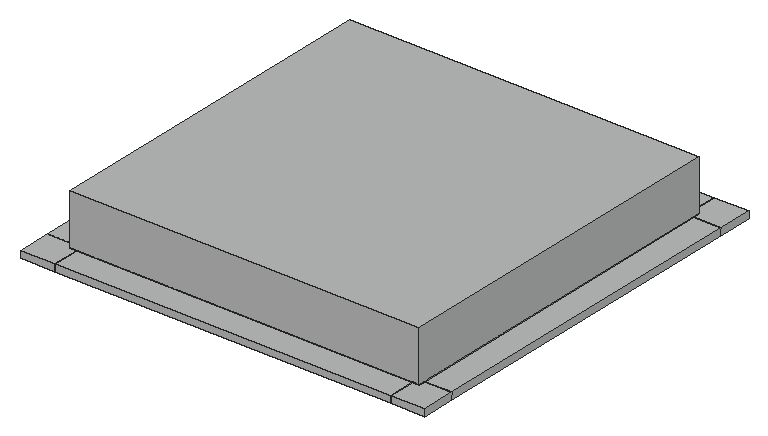
Revit family "ALUMOGIPS", category Осветительные приборы, Revit 2019 (continued)
Types (72, lengths in mm): name | Файл фотометрической сетки | built-in parameter 1150105 | Lumens | built-in parameter 1150106 | built-in parameter 1150142 | Wattage | Emit from Rectangle Width | Emit from Rectangle Length | Длина | Материал светильника | Ширина | ADSK_Ток | ADSK_Полная мощность | ADSK_Обозначение | ADSK_Номинальная мощность | ADSK_Наименование | ADSK_Масса | ADSK_Код изделия
  Alumogips-76/opal-sand 160х2305 (IP40, 4000К, серый) | "Светильник ALUMOGIPS-76 OPAL-SAND-(160x2300).IES" | 572.96 (stored number, unit not read) | 7200 lm | 5.7296 (stored number, unit not read) | "IESNA:LM-63-95\r\n[TEST] Протокол № 50-5\r\n[DATA]21.06.2016\r\n[MORE] \r\n[MANUFAC] ЗАО \"Центрстройсвет\"\r\n[LUMCAT]  Светильник ALUMOGIPS-76/OPAL-SAND-(160x2300)\r\n[LUMINAIRE]\r\n[LAMPCAT] Светодиоды\r\n[LAMP] Поток источника света (светодиодов) не известен\r\n[MORE] КСС приведена в абсолютных величинах кд\r\n[MORE] Вместо потока лампы, указан поток светильника.\r\nTILT=NONE\r\n1    7200 1.0 37 73 1 2 0.160 2.3 0.04\r\n1.0 1.0 76.6\r\n0.0 5.0 10.0 15.0 20.0 25.0 30.0 35.0 40.0 45.0 50.0 55.0 60.0 65.0 70.0 75.0 80.0 85.0 90.0 95.0 100.0 105.0 110.0 115.0 120.0 125.0 130.0 135.0 140.0 145.0 150.0 155.0 160.0 165.0 170.0 175.0 180.0\r\n0.0 5.0 10.0 15.0 20.0 25.0 30.0 35.0 40.0 45.0 50.0 55.0 60.0 65.0 70.0 75.0 80.0 85.0 90.0 95.0 100.0 105.0 110.0 115.0 120.0 125.0 130.0 135.0 140.0 145.0 150.0 155.0 160.0 165.0 170.0 175.0 180.0 185.0 190.0 195.0 200.0 205.0 210.0 215.0 220.0 225.0 230.0 235.0 240.0 245.0 250.0 255.0 260.0 265.0 270.0 275.0 280.0 285.0 290.0 295.0 300.0 305.0 310.0 315.0 320.0 325.0 330.0 335.0 340.0 345.0 350.0 355.0 360.0\r\n3405.6 3374.0 3369.6 3263.0 3188.3 3029.4 2777.5 2366.1 1845.1 1399.4 1065.5 805.3 609.9 450.2 323.1 240.5 163.0 73.4 7.8 0.0 0.0 0.0 0.0 0.0 0.0 0.0 0.0 0.0 0.0 0.0 0.0 0.0 0.0 0.0 0.0 0.0 0.0\r\n3405.6 3374.4 3379.9 3270.2 3198.2 3029.5 2790.9 2373.8 1854.9 1408.8 1072.8 809.5 619.4 453.6 327.0 242.6 164.9 74.0 8.4 0.0 0.0 0.0 0.0 0.0 0.0 0.0 0.0 0.0 0.0 0.0 0.0 0.0 0.0 0.0 0.0 0.0 0.0\r\n3405.6 3375.2 3384.5 3272.8 3199.0 3042.1 2776.0 2384.3 1886.5 1440.1 1094.4 832.2 628.9 457.0 331.8 247.4 169.1 74.3 8.8 0.0 0.0 0.0 0.0 0.0 0.0 0.0 0.0 0.0 0.0 0.0 0.0 0.0 0.0 0.0 0.0 0.0 0.0\r\n3405.6 3375.0 3385.9 3275.2 3180.8 3049.6 2793.5 2392.3 1915.8 1470.0 1127.9 857.8 642.3 462.7 335.0 254.7 174.5 74.9 9.2 0.0 0.0 0.0 0.0 0.0 0.0 0.0 0.0 0.0 0.0 0.0 0.0 0.0 0.0 0.0 0.0 0.0 0.0\r\n3405.6 3374.4 3376.0 3292.1 3177.6 3057.0 2812.9 2421.6 1960.5 1511.4 1168.9 901.6 665.7 470.6 339.0 258.2 176.2 78.1 9.6 0.0 0.0 0.0 0.0 0.0 0.0 0.0 0.0 0.0 0.0 0.0 0.0 0.0 0.0 0.0 0.0 0.0 0.0\r\n3405.6 3373.8 3358.9 3308.4 3174.1 3065.8 2824.7 2463.6 1997.6 1559.8 1217.5 938.4 690.8 482.6 342.3 252.9 177.1 79.1 10.0 0.0 0.0 0.0 0.0 0.0 0.0 0.0 0.0 0.0 0.0 0.0 0.0 0.0 0.0 0.0 0.0 0.0 0.0\r\n3405.6 3373.0 3345.2 3319.4 3197.2 3056.4 2836.9 2491.8 2046.7 1623.7 1269.0 987.0 723.9 501.1 345.5 251.9 178.8 81.4 10.7 0.0 0.0 0.0 0.0 0.0 0.0 0.0 0.0 0.0 0.0 0.0 0.0 0.0 0.0 0.0 0.0 0.0 0.0\r\n3405.6 3372.8 3343.6 3313.9 3208.1 3060.1 2841.4 2505.7 2088.6 1684.6 1324.2 1035.9 758.8 529.1 355.0 255.6 175.0 83.9 10.4 0.0 0.0 0.0 0.0 0.0 0.0 0.0 0.0 0.0 0.0 0.0 0.0 0.0 0.0 0.0 0.0 0.0 0.0\r\n3405.6 3375.3 3339.6 3304.4 3206.2 3085.6 2869.6 2552.3 2131.6 1731.3 1375.7 1080.9 800.2 556.1 372.5 257.7 168.0 87.1 10.7 0.0 0.0 0.0 0.0 0.0 0.0 0.0 0.0 0.0 0.0 0.0 0.0 0.0 0.0 0.0 0.0 0.0 0.0\r\n3405.6 3379.9 3338.3 3292.8 3199.2 3098.4 2883.0 2571.7 2179.2 1786.3 1435.5 1124.5 850.7 583.1 389.7 258.5 168.5 87.0 10.9 0.0 0.0 0.0 0.0 0.0 0.0 0.0 0.0 0.0 0.0 0.0 0.0 0.0 0.0 0.0 0.0 0.0 0.0\r\n3405.6 3384.6 3346.1 3286.5 3185.6 3081.2 2891.4 2590.2 2203.4 1830.5 1478.0 1169.5 878.2 609.2 406.7 266.0 166.9 86.8 10.1 0.0 0.0 0.0 0.0 0.0 0.0 0.0 0.0 0.0 0.0 0.0 0.0 0.0 0.0 0.0 0.0 0.0 0.0\r\n3405.6 3389.3 3362.5 3302.2 3211.6 3103.8 2908.8 2612.3 2251.7 1865.5 1519.4 1209.0 904.8 631.5 424.9 275.5 172.1 88.7 9.7 0.0 0.0 0.0 0.0 0.0 0.0 0.0 0.0 0.0 0.0 0.0 0.0 0.0 0.0 0.0 0.0 0.0 0.0\r\n3405.6 3394.3 3376.4 3293.5 3225.1 3102.4 2926.3 2644.9 2263.0 1896.0 1540.0 1225.2 919.2 646.4 442.6 292.2 179.1 88.4 9.9 0.0 0.0 0.0 0.0 0.0 0.0 0.0 0.0 0.0 0.0 0.0 0.0 0.0 0.0 0.0 0.0 0.0 0.0\r\n3405.6 3398.8 3384.9 3300.0 3226.2 3100.8 2928.0 2664.6 2289.0 1909.4 1550.4 1212.0 922.9 675.4 458.3 310.1 194.1 88.9 11.3 0.0 0.0 0.0 0.0 0.0 0.0 0.0 0.0 0.0 0.0 0.0 0.0 0.0 0.0 0.0 0.0 0.0 0.0\r\n3405.6 3403.8 3394.9 3300.1 3225.5 3082.0 2938.5 2679.7 2327.5 1917.2 1530.2 1177.9 905.7 682.8 470.6 323.4 215.2 95.6 9.9 0.0 0.0 0.0 0.0 0.0 0.0 0.0 0.0 0.0 0.0 0.0 0.0 0.0 0.0 0.0 0.0 0.0 0.0\r\n3405.6 3408.6 3386.4 3281.5 3213.7 3107.8 2945.4 2709.1 2357.5 1918.9 1499.2 1156.9 877.4 666.2 480.4 331.1 218.7 104.4 9.1 0.0 0.0 0.0 0.0 0.0 0.0 0.0 0.0 0.0 0.0 0.0 0.0 0.0 0.0 0.0 0.0 0.0 0.0\r\n3405.6 3410.6 3376.7 3285.0 3209.0 3098.5 2954.5 2719.8 2377.6 1921.2 1487.0 1128.4 854.9 640.0 464.7 329.7 219.2 105.6 11.0 0.0 0.0 0.0 0.0 0.0 0.0 0.0 0.0 0.0 0.0 0.0 0.0 0.0 0.0 0.0 0.0 0.0 0.0\r\n3405.6 3408.1 3366.0 3292.6 3209.8 3093.5 2949.2 2722.9 2395.0 1920.1 1488.3 1116.0 836.4 617.7 446.4 316.9 220.4 109.7 8.9 0.0 0.0 0.0 0.0 0.0 0.0 0.0 0.0 0.0 0.0 0.0 0.0 0.0 0.0 0.0 0.0 0.0 0.0\r\n3405.6 3402.7 3350.0 3304.7 3206.6 3058.9 2911.8 2690.5 2351.9 1903.0 1462.1 1104.8 832.1 611.9 438.5 311.8 216.6 107.1 8.8 0.0 0.0 0.0 0.0 0.0 0.0 0.0 0.0 0.0 0.0 0.0 0.0 0.0 0.0 0.0 0.0 0.0 0.0\r\n3405.6 3397.5 3348.8 3317.6 3208.2 3050.9 2880.6 2665.6 2330.9 1884.5 1458.1 1105.4 824.2 612.9 443.3 308.9 206.4 104.2 8.2 0.0 0.0 0.0 0.0 0.0 0.0 0.0 0.0 0.0 0.0 0.0 0.0 0.0 0.0 0.0 0.0 0.0 0.0\r\n3405.6 3393.4 3347.1 3314.7 3205.9 3062.3 2894.5 2664.4 2318.3 1892.3 1482.3 1121.5 836.2 626.4 450.4 309.2 202.6 99.9 7.6 0.0 0.0 0.0 0.0 0.0 0.0 0.0 0.0 0.0 0.0 0.0 0.0 0.0 0.0 0.0 0.0 0.0 0.0\r\n3405.6 3389.0 3353.8 3306.8 3191.0 3067.8 2890.7 2623.7 2273.8 1883.9 1482.8 1137.7 858.8 637.9 451.4 307.0 196.3 94.9 5.3 0.0 0.0 0.0 0.0 0.0 0.0 0.0 0.0 0.0 0.0 0.0 0.0 0.0 0.0 0.0 0.0 0.0 0.0\r\n3405.6 3385.8 3363.6 3284.5 3190.2 3052.2 2867.0 2603.7 2234.7 1868.2 1486.7 1153.6 873.6 630.9 431.5 292.6 192.4 88.6 3.7 0.0 0.1 0.0 0.0 0.0 0.0 0.0 0.0 0.0 0.0 0.0 0.0 0.0 0.0 0.0 0.0 0.0 0.0\r\n3405.6 3384.7 3368.2 3275.4 3191.3 3027.7 2848.8 2554.0 2194.9 1820.0 1488.1 1166.5 864.2 606.8 408.2 280.2 175.2 81.6 3.0 0.0 0.0 0.0 0.0 0.0 0.0 0.0 0.0 0.0 0.0 0.0 0.0 0.0 0.0 0.0 0.0 0.0 0.0\r\n3405.6 3384.8 3378.5 3286.4 3189.7 3022.3 2833.9 2516.5 2136.9 1793.4 1469.5 1158.8 841.3 573.2 384.8 263.2 159.9 79.3 2.3 0.0 0.0 0.0 0.0 0.0 0.0 0.0 0.0 0.0 0.0 0.0 0.0 0.0 0.0 0.0 0.0 0.0 0.0\r\n3405.6 3385.1 3380.7 3277.4 3186.3 3025.2 2795.8 2474.4 2098.7 1759.6 1435.7 1121.3 817.3 544.5 365.0 244.9 152.2 74.4 1.3 0.0 0.0 0.0 0.0 0.0 0.0 0.0 0.0 0.0 0.0 0.0 0.0 0.0 0.0 0.0 0.0 0.0 0.0\r\n3405.6 3385.7 3379.5 3270.4 3188.1 3012.0 2777.6 2434.0 2067.6 1704.2 1382.0 1070.1 786.0 522.6 351.5 231.7 152.4 65.6 0.6 0.0 0.0 0.0 0.0 0.0 0.0 0.0 0.0 0.0 0.0 0.0 0.0 0.0 0.0 0.0 0.0 0.0 0.0\r\n3405.6 3386.0 3376.9 3263.0 3160.9 3007.9 2751.4 2393.6 2021.0 1665.4 1317.2 1023.3 746.3 501.3 336.3 231.8 146.1 59.9 0.4 0.0 0.0 0.0 0.0 0.0 0.0 0.0 0.0 0.0 0.0 0.0 0.0 0.0 0.0 0.0 0.0 0.0 0.0\r\n3405.6 3384.9 3366.1 3253.7 3170.8 2993.7 2732.7 2368.9 1968.1 1602.0 1254.2 973.1 694.2 478.2 324.9 229.6 146.4 57.0 0.4 0.0 0.0 0.0 0.0 0.0 0.0 0.0 0.0 0.0 0.0 0.0 0.0 0.0 0.0 0.0 0.0 0.0 0.0\r\n3405.6 3382.6 3357.8 3257.4 3163.3 2994.3 2702.7 2336.5 1915.3 1530.9 1200.5 923.8 649.6 455.6 313.7 233.1 145.7 54.4 0.2 0.0 0.0 0.0 0.0 0.0 0.0 0.0 0.0 0.0 0.0 0.0 0.0 0.0 0.0 0.0 0.0 0.0 0.0\r\n3405.6 3380.7 3356.6 3258.4 3159.0 2982.6 2691.5 2294.1 1868.3 1466.2 1148.0 872.1 619.3 435.2 305.9 234.1 146.9 49.7 0.1 0.0 0.0 0.0 0.0 0.0 0.0 0.0 0.0 0.0 0.0 0.0 0.0 0.0 0.0 0.0 0.0 0.0 0.0\r\n3405.6 3380.2 3362.4 3257.2 3157.7 2959.7 2678.8 2269.4 1815.3 1403.1 1103.0 832.5 590.3 414.5 305.4 230.7 143.9 45.9 0.1 0.0 0.0 0.0 0.0 0.0 0.0 0.0 0.0 0.0 0.0 0.0 0.0 0.0 0.0 0.0 0.0 0.0 0.0\r\n3405.6 3380.5 3369.8 3257.8 3138.3 2951.0 2656.0 2239.6 1762.6 1363.8 1057.8 797.2 573.0 401.9 302.8 233.9 140.7 44.8 0.0 0.0 0.0 0.0 0.0 0.0 0.0 0.0 0.0 0.0 0.0 0.0 0.0 0.0 0.0 0.0 0.0 0.0 0.0\r\n3405.6 3379.5 3365.6 3260.4 3137.5 2949.1 2644.6 2207.8 1716.8 1327.0 1024.7 771.4 557.0 393.1 299.3 232.1 139.2 42.6 0.0 0.0 0.0 0.0 0.0 0.0 0.0 0.0 0.0 0.0 0.0 0.0 0.0 0.0 0.0 0.0 0.0 0.0 0.0\r\n3405.6 3376.0 3364.9 3251.5 3153.0 2948.3 2638.0 2188.2 1691.6 1292.8 994.4 750.2 551.7 390.4 295.1 229.1 137.2 41.5 0.0 0.0 0.0 0.0 0.0 0.0 0.0 0.0 0.0 0.0 0.0 0.0 0.0 0.0 0.0 0.0 0.0 0.0 0.0\r\n3405.6 3370.8 3357.6 3249.3 3149.7 2936.4 2617.0 2159.9 1666.8 1272.2 975.6 735.3 545.3 390.5 291.2 226.7 136.0 40.9 0.0 0.0 0.0 0.0 0.0 0.0 0.0 0.0 0.0 0.0 0.0 0.0 0.0 0.0 0.0 0.0 0.0 0.0 0.0\r\n3405.6 3367.3 3346.1 3241.8 3134.2 2934.5 2612.2 2158.6 1652.8 1266.3 962.9 724.9 539.6 390.2 293.3 227.8 135.2 40.4 0.0 0.0 0.0 0.0 0.0 0.0 0.0 0.0 0.0 0.0 0.0 0.0 0.0 0.0 0.0 0.0 0.0 0.0 0.0\r\n3405.6 3368.2 3337.0 3237.8 3138.6 2954.7 2622.9 2162.1 1655.6 1265.9 963.0 724.8 536.8 391.2 297.0 230.5 136.7 39.8 0.0 0.0 0.0 0.0 0.0 0.0 0.0 0.0 0.0 0.0 0.0 0.0 0.0 0.0 0.0 0.0 0.0 0.0 0.0\r\n3405.6 3372.2 3333.4 3246.8 3134.8 2934.1 2635.7 2167.6 1659.0 1285.6 977.2 727.6 536.3 392.1 302.7 235.0 140.3 39.7 0.0 0.0 0.0 0.0 0.0 0.0 0.0 0.0 0.0 0.0 0.0 0.0 0.0 0.0 0.0 0.0 0.0 0.0 0.0\r\n3405.6 3376.2 3321.9 3266.8 3125.0 2950.7 2642.3 2186.7 1691.6 1305.6 994.0 739.6 539.3 393.8 306.1 237.2 143.5 38.8 0.0 0.0 0.0 0.0 0.0 0.0 0.0 0.0 0.0 0.0 0.0 0.0 0.0 0.0 0.0 0.0 0.0 0.0 0.0\r\n3405.6 3379.4 3316.7 3264.5 3130.8 2944.5 2649.9 2215.4 1724.5 1336.3 1021.6 761.9 549.1 393.9 303.9 235.6 146.4 37.9 0.0 0.0 0.0 0.0 0.0 0.0 0.0 0.0 0.0 0.0 0.0 0.0 0.0 0.0 0.0 0.0 0.0 0.0 0.0\r\n3405.6 3383.0 3326.8 3246.1 3125.9 2947.4 2663.6 2233.9 1765.1 1371.0 1058.8 789.0 568.8 399.2 300.8 234.5 143.4 40.8 0.0 0.0 0.0 0.0 0.0 0.0 0.0 0.0 0.0 0.0 0.0 0.0 0.0 0.0 0.0 0.0 0.0 0.0 0.0\r\n3405.6 3386.5 3337.2 3241.5 3139.8 2952.5 2691.9 2271.1 1812.4 1412.5 1099.1 823.6 588.0 409.8 303.3 230.0 140.6 43.8 0.1 0.0 0.0 0.0 0.0 0.0 0.0 0.0 0.0 0.0 0.0 0.0 0.0 0.0 0.0 0.0 0.0 0.0 0.0\r\n3405.6 3388.5 3345.9 3222.1 3131.1 2960.1 2705.2 2312.9 1871.3 1466.1 1142.4 871.8 614.9 426.7 305.1 221.1 142.6 43.8 0.1 0.0 0.0 0.0 0.0 0.0 0.0 0.0 0.0 0.0 0.0 0.0 0.0 0.0 0.0 0.0 0.0 0.0 0.0\r\n3405.6 3389.0 3355.6 3233.4 3109.0 2966.0 2715.3 2353.2 1922.1 1520.6 1190.9 915.7 651.0 447.1 306.4 223.0 138.6 47.2 0.1 0.0 0.0 0.0 0.0 0.0 0.0 0.0 0.0 0.0 0.0 0.0 0.0 0.0 0.0 0.0 0.0 0.0 0.0\r\n3405.6 3389.3 3354.8 3251.9 3132.5 2965.2 2728.2 2393.1 1972.4 1582.9 1241.3 958.7 686.2 467.4 312.0 220.5 134.6 51.4 0.2 0.0 0.0 0.0 0.0 0.0 0.0 0.0 0.0 0.0 0.0 0.0 0.0 0.0 0.0 0.0 0.0 0.0 0.0\r\n3405.6 3389.4 3354.8 3266.4 3139.3 2973.1 2765.9 2430.8 2025.1 1635.6 1300.6 994.8 731.8 481.5 321.6 222.6 137.5 54.9 0.3 0.0 0.0 0.0 0.0 0.0 0.0 0.0 0.0 0.0 0.0 0.0 0.0 0.0 0.0 0.0 0.0 0.0 0.0\r\n3405.6 3388.8 3340.9 3260.4 3150.4 2987.7 2775.6 2458.4 2064.8 1696.3 1344.0 1038.6 756.8 499.3 332.2 230.0 143.6 58.5 0.4 0.0 0.0 0.0 0.0 0.0 0.0 0.0 0.0 0.0 0.0 0.0 0.0 0.0 0.0 0.0 0.0 0.0 0.0\r\n3405.6 3387.2 3322.6 3246.6 3126.8 2978.0 2792.4 2490.1 2122.6 1733.9 1378.4 1075.9 772.3 526.0 346.2 242.3 156.2 65.4 0.4 0.0 0.0 0.0 0.0 0.0 0.0 0.0 0.0 0.0 0.0 0.0 0.0 0.0 0.0 0.0 0.0 0.0 0.0\r\n3405.6 3383.9 3314.5 3234.8 3144.9 2988.4 2814.6 2529.8 2156.8 1772.6 1397.1 1083.5 790.8 540.3 368.4 260.2 167.1 74.2 0.8 0.0 0.0 0.0 0.0 0.0 0.0 0.0 0.0 0.0 0.0 0.0 0.0 0.0 0.0 0.0 0.0 0.0 0.0\r\n3405.6 3379.4 3310.9 3250.0 3156.3 3003.7 2817.4 2566.7 2194.6 1810.3 1409.3 1078.2 794.2 558.2 388.1 271.2 176.4 77.8 1.7 0.0 0.0 0.0 0.0 0.0 0.0 0.0 0.0 0.0 0.0 0.0 0.0 0.0 0.0 0.0 0.0 0.0 0.0\r\n3405.6 3375.3 3308.4 3270.0 3165.9 3011.6 2831.4 2587.5 2249.3 1834.2 1422.2 1057.9 777.0 567.9 398.1 276.8 185.1 81.8 2.2 0.0 0.0 0.0 0.0 0.0 0.0 0.0 0.0 0.0 0.0 0.0 0.0 0.0 0.0 0.0 0.0 0.0 0.0\r\n3405.6 3373.8 3313.7 3282.8 3148.7 3003.0 2850.3 2609.6 2283.3 1855.2 1420.9 1051.3 759.3 555.6 400.0 277.6 187.3 87.7 3.0 0.0 0.0 0.0 0.0 0.0 0.0 0.0 0.0 0.0 0.0 0.0 0.0 0.0 0.0 0.0 0.0 0.0 0.0\r\n3405.6 3375.3 3325.6 3277.7 3138.0 3009.7 2836.5 2602.2 2299.2 1863.9 1422.4 1034.9 741.8 546.2 395.1 275.0 184.8 89.1 3.7 0.0 0.0 0.0 0.0 0.0 0.0 0.0 0.0 0.0 0.0 0.0 0.0 0.0 0.0 0.0 0.0 0.0 0.0\r\n3405.6 3378.7 3333.0 3254.4 3140.4 3006.4 2816.0 2605.6 2308.4 1861.6 1416.4 1040.7 742.8 543.4 391.9 275.4 184.8 89.7 5.0 0.0 0.0 0.0 0.0 0.0 0.0 0.0 0.0 0.0 0.0 0.0 0.0 0.0 0.0 0.0 0.0 0.0 0.0\r\n3405.6 3381.8 3338.2 3252.6 3147.4 3018.7 2868.1 2644.9 2325.0 1884.7 1435.2 1041.6 753.1 552.0 396.6 279.4 191.2 93.5 7.2 0.0 0.0 0.0 0.0 0.0 0.0 0.0 0.0 0.0 0.0 0.0 0.0 0.0 0.0 0.0 0.0 0.0 0.0\r\n3405.6 3383.6 3341.0 3247.3 3160.9 3017.2 2875.2 2639.9 2319.2 1883.9 1448.4 1056.1 777.3 574.1 412.3 285.8 193.0 94.2 7.6 0.0 0.0 0.0 0.0 0.0 0.0 0.0 0.0 0.0 0.0 0.0 0.0 0.0 0.0 0.0 0.0 0.0 0.0\r\n3405.6 3385.6 3335.8 3252.4 3163.9 3026.7 2871.5 2623.0 2293.6 1872.2 1457.5 1078.2 800.0 592.4 417.5 285.6 189.6 89.8 8.5 0.0 0.0 0.0 0.0 0.0 0.0 0.0 0.0 0.0 0.0 0.0 0.0 0.0 0.0 0.0 0.0 0.0 0.0\r\n3405.6 3387.7 3330.1 3255.0 3151.5 3033.4 2858.5 2613.6 2262.7 1865.1 1462.5 1110.7 825.6 594.9 414.7 281.1 177.4 88.6 7.6 0.0 0.0 0.0 0.0 0.0 0.0 0.0 0.0 0.0 0.0 0.0 0.0 0.0 0.0 0.0 0.0 0.0 0.0\r\n3405.6 3388.5 3329.1 3265.5 3157.3 3037.6 2854.4 2610.4 2237.5 1847.7 1465.6 1129.5 840.9 593.9 397.0 267.4 172.4 85.2 7.3 0.0 0.0 0.0 0.0 0.0 0.0 0.0 0.0 0.0 0.0 0.0 0.0 0.0 0.0 0.0 0.0 0.0 0.0\r\n3405.6 3389.1 3323.8 3273.5 3158.4 3036.0 2845.8 2577.5 2210.5 1823.3 1444.2 1138.2 834.9 575.5 381.4 251.8 163.1 81.2 8.0 0.0 0.0 0.0 0.0 0.0 0.0 0.0 0.0 0.0 0.0 0.0 0.0 0.0 0.0 0.0 0.0 0.0 0.0\r\n3405.6 3389.2 3322.5 3281.9 3168.6 3032.2 2854.2 2564.0 2184.7 1793.3 1422.4 1119.0 826.7 559.9 366.4 247.8 153.3 78.0 7.8 0.0 0.0 0.0 0.0 0.0 0.0 0.0 0.0 0.0 0.0 0.0 0.0 0.0 0.0 0.0 0.0 0.0 0.0\r\n3405.6 3387.7 3319.8 3272.3 3157.1 3027.4 2839.9 2532.3 2158.3 1750.2 1392.4 1081.5 802.3 546.0 352.4 246.1 148.6 79.3 7.6 0.0 0.0 0.0 0.0 0.0 0.0 0.0 0.0 0.0 0.0 0.0 0.0 0.0 0.0 0.0 0.0 0.0 0.0\r\n3405.6 3384.8 3317.1 3274.3 3158.2 3032.9 2838.0 2521.5 2113.4 1696.6 1348.0 1045.7 770.8 522.2 349.8 236.5 152.8 76.4 7.8 0.0 0.0 0.0 0.0 0.0 0.0 0.0 0.0 0.0 0.0 0.0 0.0 0.0 0.0 0.0 0.0 0.0 0.0\r\n3405.6 3381.1 3321.0 3266.5 3167.4 3038.1 2831.5 2500.6 2076.3 1655.1 1303.1 1004.1 732.3 502.0 337.0 237.4 158.1 75.2 7.6 0.0 0.0 0.0 0.0 0.0 0.0 0.0 0.0 0.0 0.0 0.0 0.0 0.0 0.0 0.0 0.0 0.0 0.0\r\n3405.6 3377.7 3324.6 3277.8 3182.7 3030.1 2820.8 2478.2 2039.3 1602.2 1256.8 964.1 700.3 483.3 331.2 238.2 163.7 76.0 8.0 0.0 0.0 0.0 0.0 0.0 0.0 0.0 0.0 0.0 0.0 0.0 0.0 0.0 0.0 0.0 0.0 0.0 0.0\r\n3405.6 3375.5 3325.5 3283.5 3169.3 3022.5 2808.0 2454.8 2003.5 1553.8 1212.1 931.5 672.6 461.4 326.0 242.2 168.6 76.6 8.0 0.0 0.0 0.0 0.0 0.0 0.0 0.0 0.0 0.0 0.0 0.0 0.0 0.0 0.0 0.0 0.0 0.0 0.0\r\n3405.6 3374.9 3330.3 3288.1 3166.2 3028.8 2798.8 2423.7 1947.2 1509.3 1168.8 887.6 644.4 448.7 319.8 246.7 173.8 76.1 7.7 0.0 0.0 0.0 0.0 0.0 0.0 0.0 0.0 0.0 0.0 0.0 0.0 0.0 0.0 0.0 0.0 0.0 0.0\r\n3405.6 3375.8 3335.8 3292.2 3152.4 3030.8 2801.5 2407.5 1900.5 1466.9 1137.2 857.2 622.1 438.2 319.2 248.7 175.5 73.9 7.4 0.0 0.0 0.0 0.0 0.0 0.0 0.0 0.0 0.0 0.0 0.0 0.0 0.0 0.0 0.0 0.0 0.0 0.0\r\n3405.6 3377.0 3343.4 3285.9 3163.1 3043.0 2786.2 2383.5 1881.6 1436.0 1103.7 828.1 608.6 434.1 320.1 248.0 171.3 74.3 7.3 0.0 0.0 0.0 0.0 0.0 0.0 0.0 0.0 0.0 0.0 0.0 0.0 0.0 0.0 0.0 0.0 0.0 0.0\r\n3405.6 3376.7 3347.3 3271.5 3174.8 3037.8 2775.2 2372.1 1859.9 1414.7 1086.8 813.5 602.2 433.1 320.5 245.7 167.2 74.1 7.5 0.0 0.0 0.0 0.0 0.0 0.0 0.0 0.0 0.0 0.0 0.0 0.0 0.0 0.0 0.0 0.0 0.0 0.0\r\n3405.6 3375.1 3357.4 3255.8 3187.9 3040.3 2795.0 2366.4 1846.4 1401.0 1068.4 804.4 604.7 439.6 321.3 242.1 162.6 73.7 7.6 0.0 0.0 0.0 0.0 0.0 0.0 0.0 0.0 0.0 0.0 0.0 0.0 0.0 0.0 0.0 0.0 0.0 0.0\r\n3405.6 3374.0 3369.6 3263.0 3188.3 3029.4 2777.5 2366.1 1845.1 1399.4 1065.5 805.3 609.9 450.2 323.1 240.5 163.0 73.4 7.8 0.0 0.0 0.0 0.0 0.0 0.0 0.0 0.0 0.0 0.0 0.0 0.0 0.0 0.0 0.0 0.0 0.0 0.0\r\n" | 48.4712 W | 140 | 2285 | 2305 | RAL 9006 | 160 | 0.359168 A | 82.6087 VA | "Alumogips-76/opal-sand 160х2305 (IP40, 4000К, серый)" | 76 W 
    | "Встраиваемый светодиодный светильник Alumogips-76/opal-sand 160х2305 (IP40, 4000К, серый)" | 3 | "ЦБ000008086"
